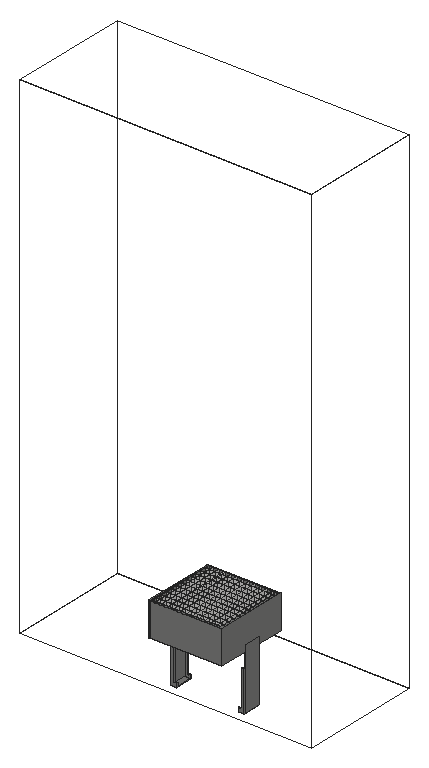
Revit family "Heater-QMark-Thermazone_Series", category Mechanical Equipment, host Face, Revit 2020 (continued)
Types in the file's own list only (75): name | Watts | Voltage | Total Heating Capacity | Phase | Model | Length | C_ Thermazone Series 4' | C_ Thermazone Series 2' | Description | Amps
  QR-STS-U48-3642V | 3642 W | 208 V | 12427.0 Btu/h | 1 | "QR-STS-U48-3642V" | 4' - 0" | Yes | Yes | "Infrared Heaters for Industrial/Commercial/Residential" | 18 A
  QR-STS-U48-4856V | 4856 W | 240 V | 16569.0 Btu/h | 1 | "QR-STS-U48-4856V" | 4' - 0" | Yes | Yes | "Infrared Heaters for Industrial/Commercial/Residential" | 20 A
  QR-STS-U48-4776N | 4776 W | 277 V | 16296.0 Btu/h | 1 | "QR-STS-U48-4776N" | 4' - 0" | Yes | Yes | "Infrared Heaters for Industrial/Commercial/Residential" | 17 A
  QR-STS-U48-4976I | 4976 W | 347 V | 16978.0 Btu/h | 1 | "QR-STS-U48-4976I" | 4' - 0" | Yes | Yes | "Infrared Heaters for Industrial/Commercial/Residential" | 14 A
  QR-STS-U48-4856T | 4856 W | 480 V | 16569.0 Btu/h | 1 | "QR-STS-U48-4856T" | 4' - 0" | Yes | Yes | "Infrared Heaters for Industrial/Commercial/Residential" | 10 A
  QR-STS-U48-4878Y | 4878 W | 600 V | 16644.0 Btu/h | 1 | "QR-STS-U48-4878Y" | 4' - 0" | Yes | Yes | "Infrared Heaters for Industrial/Commercial/Residential" | 8 A
  QR-STS-U48-4859V | 4859 W | 208 V | 16579.0 Btu/h | 1 | "QR-STS-U48-4859V" | 4' - 0" | Yes | Yes | "Infrared Heaters for Industrial/Commercial/Residential" | 23 A
  QR-STS-U48-6478V | 6478 W | 240 V | 22103.0 Btu/h | 1 | "QR-STS-U48-6478V" | 4' - 0" | Yes | Yes | "Infrared Heaters for Industrial/Commercial/Residential" | 27 A
  QR-STS-U48-6056N | 6056 W | 277 V | 20663.0 Btu/h | 1 | "QR-STS-U48-6056N" | 4' - 0" | Yes | Yes | "Infrared Heaters for Industrial/Commercial/Residential" | 22 A
  QR-STS-U48-6352I | 6352 W | 347 V | 21673.0 Btu/h | 1 | "QR-STS-U48-6352I" | 4' - 0" | Yes | Yes | "Infrared Heaters for Industrial/Commercial/Residential" | 18 A
  QR-STS-U48-6478T | 6478 W | 480 V | 22103.0 Btu/h | 1 | "QR-STS-U48-6478T" | 4' - 0" | Yes | Yes | "Infrared Heaters for Industrial/Commercial/Residential" | 14 A
  QR-STS-U48-6118Y | 6118 W | 600 V | 20875.0 Btu/h | 1 | "QR-STS-U48-6118Y" | 4' - 0" | Yes | Yes | "Infrared Heaters for Industrial/Commercial/Residential" | 10 A
  QR-STS-U48-2983P | 2983 W | 208 V | 10178.0 Btu/h | 3 | "QR-STS-U48-2983P" | 4' - 0" | Yes | Yes | "Infrared Heaters for Industrial/Commercial/Residential" | 8 A
  QR-STS-U48-3971P | 3971 W | 240 V | 13549.0 Btu/h | 3 | "QR-STS-U48-3971P" | 4' - 0" | Yes | Yes | "Infrared Heaters for Industrial/Commercial/Residential" | 10 A
  QR-STS-U48-3928U | 3928 W | 480 V | 13402.0 Btu/h | 3 | "QR-STS-U48-3928U" | 4' - 0" | Yes | Yes | "Infrared Heaters for Industrial/Commercial/Residential" | 5 A
  QR-STS-U48-3963Z | 3963 W | 600 V | 13522.0 Btu/h | 3 | "QR-STS-U48-3963Z" | 4' - 0" | Yes | Yes | "Infrared Heaters for Industrial/Commercial/Residential" | 4 A
  QR-STS-U48-3601P | 3601 W | 208 V | 12287.0 Btu/h | 3 | "QR-STS-U48-3601P" | 4' - 0" | Yes | Yes | "Infrared Heaters for Industrial/Commercial/Residential" | 10 A
  QR-STS-U48-4794P | 4794 W | 240 V | 16357.0 Btu/h | 3 | "QR-STS-U48-4794P" | 4' - 0" | Yes | Yes | "Infrared Heaters for Industrial/Commercial/Residential" | 12 A
  QR-STS-U48-4838U | 4838 W | 480 V | 16507.0 Btu/h | 3 | "QR-STS-U48-4838U" | 4' - 0" | Yes | Yes | "Infrared Heaters for Industrial/Commercial/Residential" | 6 A
  QR-STS-U48-4797Z | 4797 W | 600 V | 16369.0 Btu/h | 3 | "QR-STS-U48-4797Z" | 4' - 0" | Yes | Yes | "Infrared Heaters for Industrial/Commercial/Residential" | 5 A
  QR-STS-U48-4472P | 4472 W | 208 V | 15259.0 Btu/h | 3 | "QR-STS-U48-4472P" | 4' - 0" | Yes | Yes | "Infrared Heaters for Industrial/Commercial/Residential" | 12 A
  QR-STS-U48-5954P | 5954 W | 240 V | 20315.0 Btu/h | 3 | "QR-STS-U48-5954P" | 4' - 0" | Yes | Yes | "Infrared Heaters for Industrial/Commercial/Residential" | 14 A
  QR-STS-U48-6060U | 6060 W | 480 V | 20677.0 Btu/h | 3 | "QR-STS-U48-6060U" | 4' - 0" | Yes | Yes | "Infrared Heaters for Industrial/Commercial/Residential" | 7 A
  QR-STS-U48-5982Z | 5982 W | 600 V | 20411.0 Btu/h | 3 | "QR-STS-U48-5982Z" | 4' - 0" | Yes | Yes | "Infrared Heaters for Industrial/Commercial/Residential" | 6 A
